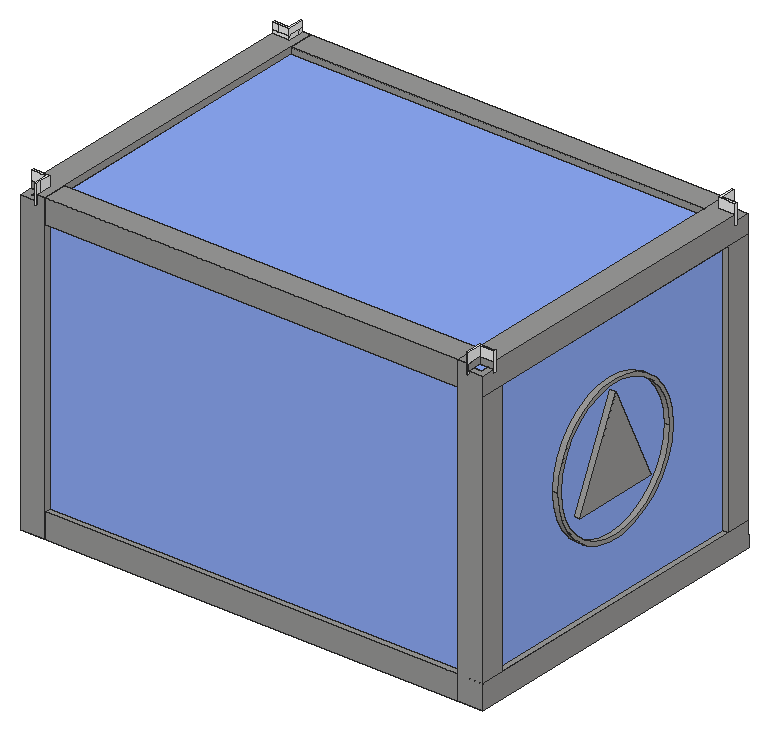
Revit family "1.1 Вентиляторы UTR V2", category Оборудование, Revit 2016
Family settings
  Тип детали = Нормальный
  Размер круглого соединителя = Использовать диаметр
  На основе рабочей плоскости = Нет
  Всегда вертикально = Да
  При загрузке вырезать с полостями = Нет
  Общий = Нет
  Точка расчета площади = Нет
Parameters (values of type "50-25/22")
  значок [instance] = yes
  высота = 250 mm
  размер В = 635 mm
  ширина = 500 mm
  Синий = Синий
  Д1 = Д - 20 mm  # 490 mm
  Д = 510 mm
  ножки(да/нет) [instance] = no
  Г = 395 mm
  Б1 = Б - 20 mm  # 450 mm
  А1 = А - 20 mm  # 690 mm
  А = 710 mm
  высота ножек = 50 mm
  Б = 470 mm
  Частотный преобразователь [instance] = yes
  Частота вращения n, об/мин = "2730"
  Тип, марка, обозначение = "UTR 50-25V2. 22-0,37x27(R)"
  Сила тока J, А = "1,66/0,96"
  Регулятор расхода [instance] = no
  Раздел = "ОВ"
  Примечание = ""
  Позиция = ""
  Напряжение U,В = "3х220/3х380"
  Наименование и тех.хар-ка = "Радиальный вентилятор с назад загнутыми лопатками выхлоп вверх"  # constant formula
  Мощность двигателя N,Вт = "370"
  Материал = RAL 0000 Серый металл
  Масса единицы = "43"
  Код, оборудования = ""
  Ключевая пометка = "Вентиляция"
  Задание электрикам [instance] = no
  Задание автоматчикам [instance] = no
  Завод изготовитель = "KORF"  # constant formula
  Единица измерения = "шт."  # constant formula
  h = высота ножек + 10 mm  # 60 mm
Types (23, lengths in mm): name | высота | размер В | ширина | Д1 | Д | Г | Б1 | А1 | А | Б | Частота вращения n, об/мин | Тип, марка, обозначение | Сила тока J, А | Напряжение U,В | Мощность двигателя N,Вт | Материал | Масса единицы
  50-25/22 | 250 | 635 | 500 | 490 | 510 | 395 | 450 | 690 | 710 | 470 | "2730" | "UTR 50-25V2. 22-0,37x27(R)" | "1,66/0,96" | "3х220/3х380" | "370" | RAL 0000 Серый металл | "43"
  50-25/25 | 250 | 635 | 500 | 490 | 510 | 395 | 450 | 690 | 710 | 470 | "2730" | "UTR 50-25V2. 25-0,55x27(R)" | "2,47/1,43" | "3х220/3х380" | "550" | Сталь серая | "45"
  50-30/25 | 300 | 635 | 500 | 490 | 510 | 445 | 500 | 690 | 710 | 520 | "2730" | "UTR 50-30V2. 25-0,55x27(R)" | "2,47/1,43" | "3х220/3х380" | "550" | Сталь серая | "47"
  50-30/28 | 300 | 635 | 500 | 690 | 710 | 445 | 500 | 690 | 710 | 520 | "2800" | "UTR 50-30V2. 28-1,1x28(R)" | "4,4/2,52" | "3х220/3х380" | "1100" | Сталь серая | "54"
  50-30/31 | 300 | 635 | 500 | 690 | 710 | 445 | 500 | 690 | 710 | 520 | "2800" | "UTR 50-30V2.31-1,1x28(R)" | "4,4/2,52" | "3х220/3х380" | "1100" | Сталь серая | "54"
  60-30/28 | 300 | 735 | 600 | 690 | 710 | 445 | 500 | 790 | 810 | 520 | "2800" | "UTR 60-30V2.28-1,1x28(R)" | "4,4/2,52" | "3х220/3х380" | "1100" | Сталь серая | "58"
  60-30/31 | 300 | 735 | 600 | 690 | 710 | 445 | 500 | 790 | 810 | 520 | "2800" | "UTR 60-30V2.31-1,1x28(R)" | "4,4/2,52" | "3х220/3х380" | "1100" | Сталь серая | "58"
  60-35/31 | 350 | 735 | 600 | 590 | 610 | 495 | 550 | 790 | 810 | 570 | "2800" | "UTR 60-35V2.31-1,1x28(R)" | "4,4/2,52" | "3х220/3х380" | "1100" | Сталь серая | "60"
  60-35/31-1,5 | 350 | 735 | 600 | 590 | 610 | 495 | 550 | 790 | 810 | 570 | "2880" | "UTR 60-35V2.31-1,5x28(R)" | "5,6/3,3" | "3х220/3х380" | "1500" | Сталь серая | "63"
  60-35/35 | 350 | 735 | 600 | 590 | 610 | 495 | 550 | 790 | 810 | 570 | "2860" | "UTR 60-35V2.35-2,2x28(R)" | "8,0/4,6" | "3х220/3х380" | "2200" | Сталь серая | "70"
  70-40/31 | 400 | 835 | 700 | 590 | 610 | 545 | 600 | 890 | 910 | 620 | "2800" | "UTR 70-40V2.31-1,1x28(R)" | "4,4/2,52" | "3х220/3х380" | "1100" | Сталь серая | "66"
  70-40/31-2,2 | 400 | 835 | 700 | 690 | 710 | 545 | 600 | 890 | 910 | 620 | "2860" | "UTR 70-40V2.31-2,2x28(R)" | "8,0/4,6" | "3х220/3х380" | "2200" | Сталь серая | "75"
  70-40/35 | 400 | 835 | 700 | 690 | 710 | 545 | 600 | 890 | 910 | 620 | "2860" | "UTR 70-40V2.35-2,2x28(R)" | "8,0/4,6" | "3х220/3х380" | "2200" | Сталь серая | "75"
  80-50/35 | 500 | 935 | 800 | 690 | 710 | 645 | 700 | 990 | 1010 | 720 | "2860" | "UTR 80-50V2.35-2,2x28(R)" | "8,0/4,6" | "3х220/3х380" | "2200" | Сталь серая | "84"
  80-50/35-3,0 | 500 | 935 | 800 | 690 | 710 | 645 | 700 | 990 | 1010 | 720 | "2860" | "UTR 80-50V2.35-3,0x28(R)" | "10,5/6,0" | "3х220/3х380" | "3000" | Сталь серая | "88"
  80-50/40 | 500 | 935 | 800 | 820 | 840 | 645 | 700 | 990 | 1010 | 720 | "2850" | "UTR 80-50V2.40-4,0x28(R)" | "8,0/4,6" | "3х380/3х660" | "4000" | Сталь серая | "105"
  90-50/35 | 500 | 1050 | 900 | 710 | 730 | 665 | 720 | 1105 | 1125 | 740 | "2860" | "UTR 90-50V2.35-3,0x28(R)" | "10,5/6,0" | "3х220/3х380" | "3000" | Сталь серая | "96"
  90-50/40 | 500 | 1050 | 900 | 820 | 840 | 665 | 720 | 1105 | 1125 | 740 | "2850" | "UTR 90-50V2.40-4,0x28(R)" | "8,0/4,6" | "3х380/3х660" | "4000" | Сталь серая | "111"
  90-50/45 | 500 | 1050 | 900 | 820 | 840 | 665 | 720 | 1105 | 1125 | 740 | "1410" | "UTR 90-50V2.45-3,0x14(R)" | "11,6/6,7" | "3х220/3х380" | "3000" | Сталь серая | "112"
  100-50/40 | 500 | 1150 | 1000 | 820 | 840 | 665 | 720 | 1205 | 1225 | 740 | "2850" | "UTR 100-50М2.40-4,0x28(R)" | "8,0/4,6" | "3х380/3х660" | "4000" | Сталь серая | "117"
  100-50/45 | 500 | 1150 | 1000 | 820 | 840 | 665 | 720 | 1205 | 1225 | 740 | "1410" | "UTR 100-50V2.45-3,0x14(R)" | "11,6/6,7" | "3х220/3х380" | "3000" | Сталь серая | "116"
  100-50/45-4,0 | 500 | 1150 | 1000 | 820 | 840 | 665 | 720 | 1205 | 1225 | 740 | "1410" | "UTR 100-50V2.45-4,0x14(R)" | "8,5/4,9" | "3х380/3х660" | "4000" | Сталь серая | "124"
  100-50/45-5,5 | 500 | 1150 | 1000 | 820 | 840 | 665 | 720 | 1205 | 1225 | 740 | "1430" | "UTR 100-50V2.45-5,5x14(R)" | "11,0/6,5" | "3х380/3х660" | "4000" | Сталь серая | "133"
Reference planes
  plane 1 "По центру (Вперед/Назад)": y = 0
  plane 2: z = 0
  plane 3 "По центру (Влево/Вправо)": x = 0
  plane 4: x = -345
  plane 5: x = 345
  plane 6: y = 245
  plane 7: y = -245
  plane 8: z = 510
  plane 9: z = 60
  plane 10: z = 535
Forms (mm)
  Extrusion 1, solid, material "Синий" <- "Синий", detail levels fine
    sketch origin (0, 0, 50) x (1, 0, 0) y (0, 1, 0)
      loop
        line (-345, 245) -> (-345, -245) -> (345, -245) -> (345, 245) -> (-345, 245)
    from 10 to 460
  Sweep 2, solid, material "RAL 0000 Серый металл" <- "Материал", detail levels fine
    path origin (345, 245, 50) x (0, -1, 0) y (0, 0, -1)
      loop
        line (0, -460) -> (490, -460) -> (490, -10) -> (0, -10) -> (0, -460)
    profile "Профиль уголок 10х10 : Профиль уголок 10х10" origin (345, 0, 510) x (0, 0, -1) y (1, 0, 0)
      loop
        line (0, -27.5) -> (0, 0) -> (27.5, 0) -> (27.5, 10) -> (-10, 10) -> (-10, -27.5) -> (0, -27.5)
  Sweep 3, solid, material "RAL 0000 Серый металл" <- "Материал", detail levels fine
    path origin (-345, -245, 50) x (0, 1, 0) y (0, 0, -1)
      loop
        line (0, -460) -> (490, -460) -> (490, -10) -> (0, -10) -> (0, -460)
    profile "Профиль уголок 10х10 : Профиль уголок 10х10" origin (-345, 0, 510) x (0, 0, -1) y (-1, 0, 0)
      loop
        line (0, -27.5) -> (0, 0) -> (27.5, 0) -> (27.5, 10) -> (-10, 10) -> (-10, -27.5) -> (0, -27.5)
  Extrusion 4, void, not visible, detail levels fine
    sketch origin (145, 144.929, 50) x (0, 1, 0) y (0, 0, -1)
      loop
        line (88.035, -475) -> (138.984, -475) -> (138.984, -450) -> (88.035, -450) -> (88.035, -475)
    from -47.452 to 12
  Extrusion 5, void, detail levels fine
    sketch origin (-345, -144.965, 60) x (0, -1, 0) y (0, 0, -1)
      loop
        line (88.035, -475) -> (138.984, -475) -> (138.984, -450) -> (88.035, -450) -> (88.035, -475)
    from -47.452 to 12
  Sweep 6, solid, material "RAL 0000 Серый металл" <- "Материал", detail levels fine
    path origin (0, 0, 510) x (1, 0, 0) y (0, 1, 0)
      loop
        line (-345, -245) -> (345, -245) -> (345, 245) -> (-345, 245) -> (-345, -245)
    profile "Профиль уголок 10х10 : Профиль уголок 10х10" origin (0, -245, 510) x (0, 1, 0) y (0, 0, 1)
      loop
        line (0, -27.5) -> (0, 0) -> (27.5, 0) -> (27.5, 10) -> (-10, 10) -> (-10, -27.5) -> (0, -27.5)
  Sweep 7, solid, material "RAL 0000 Серый металл" <- "Материал", detail levels fine
    path origin (0, 0, 60) x (1, 0, 0) y (0, 1, 0)
      loop
        line (345, -245) -> (345, 245) -> (-345, 245) -> (-345, -245) -> (345, -245)
    profile "Профиль уголок 10х10 : Профиль уголок 10х10" origin (0, -245, 60) x (0, -1, 0) y (0, 0, 1)
      loop
        line (0, 27.5) -> (0, 0) -> (-27.5, 0) -> (-27.5, -10) -> (10, -10) -> (10, 27.5) -> (0, 27.5)
  Extrusion 8, void, detail levels fine
    sketch origin (-244.965, 245, 60) x (-1, 0, 0) y (0, 0, -1)
      loop
        line (88.035, -475) -> (138.984, -475) -> (138.984, -450) -> (88.035, -450) -> (88.035, -475)
    from -47.452 to 12
  Extrusion 9, void, detail levels fine
    sketch origin (345, 144.965, 60) x (0, 1, 0) y (0, 0, -1)
      loop
        line (88.035, -475) -> (138.984, -475) -> (138.984, -450) -> (88.035, -450) -> (88.035, -475)
    from -47.452 to 12
  Extrusion 10, void, detail levels fine
    sketch origin (244.965, -245, 60) x (1, 0, 0) y (0, 0, -1)
      loop
        line (88.035, -475) -> (138.984, -475) -> (138.984, -450) -> (88.035, -450) -> (88.035, -475)
    from -47.452 to 12
  Extrusion 11, solid, material "RAL 0000 Серый металл" <- "Материал", visible <- "значок", detail levels fine
    sketch origin (0, 0, 0) x (0, 1, 0) y (0, 0, 1)
      loop
        circle (0, 285) r 110
      loop
        circle (0, 285) r 105
      loop
        line (0, 377.5) -> (-67.619, 232.491) -> (67.619, 232.491) -> (0, 377.5)
    from 345 to 355
Cuts and joins
  Extrusion 5, Extrusion 8, Extrusion 9, Extrusion 10 cuts Extrusion 1
  Extrusion 5, Extrusion 8, Extrusion 9 cuts Sweep 3
  Extrusion 5, Extrusion 8, Extrusion 9, Extrusion 10 cuts Sweep 6
  Extrusion 9, Extrusion 10 cuts Sweep 2
Dimensions and locks
  equal spacing: plane 6, plane 1 "По центру (Вперед/Назад)", plane 7
  "Д1": plane 6 to plane 7
  equal spacing: plane 4, plane 3 "По центру (Влево/Вправо)", plane 5
  "А1": plane 4 to plane 5
  "h": plane 9 to level
  "Б1": plane 8 to plane 9
  locked: plane 10 to plane 8 at 25
  Sweep 7 to level = 50 mm
  aligned and locked: level to plane 2
  aligned and locked: plane 6 to Extrusion 1
  aligned and locked: plane 5 to Extrusion 1
  aligned and locked: Extrusion 1 to plane 7
  aligned and locked: Extrusion 1 to plane 4
  aligned and locked: plane 8 to Extrusion 1
  aligned and locked: Extrusion 1 to plane 9
  aligned and locked: Sweep 2 sketch curve to Extrusion 1  (x2)
  aligned and locked: Sweep 3 sketch curve to Extrusion 1  (x2)
  aligned and locked: nested 1 to Sweep 3  (x2)
  aligned and locked: nested 2 to Sweep 2
  aligned and locked: Sweep 2 to nested 2
  aligned and locked: nested 4 to Sweep 2  (x2)
  aligned and locked: Sweep 3 to nested 3
  aligned and locked: nested 3 to Sweep 3
  aligned and locked: Extrusion 5 to nested 6
  aligned and locked: nested 6 to Extrusion 5
  aligned and locked: nested 6 to plane 10
  aligned and locked: nested 6 to cut or joined group of Extrusion 5, Sweep 6, Extrusion 8, Extrusion 9, Extrusion 10  (x2)
  aligned and locked: Extrusion 8 to nested 7  (x2)
  aligned and locked: nested 7 to cut or joined group of Extrusion 5, Sweep 6, Extrusion 8, Extrusion 9, Extrusion 10  (x2)
  aligned and locked: plane 10 to Extrusion 8
  aligned and locked: Extrusion 9 to nested 8  (x2)
  aligned and locked: nested 8 to Sweep 2  (x2)
  aligned and locked: nested 8 to plane 10
  aligned and locked: Extrusion 10 to nested 9  (x2)
  aligned and locked: nested 9 to cut or joined group of Extrusion 5, Sweep 6, Extrusion 8, Extrusion 9, Extrusion 10  (x2)
  aligned and locked: nested 9 to plane 10
  aligned and locked: nested 10 to plane 5
  aligned and locked: plane 7 to nested 10
  aligned and locked: nested 11 to plane 4
  aligned and locked: nested 11 to plane 9
  aligned and locked: cut or joined group of Sweep 2, Extrusion 9, Extrusion 10 to Extrusion 11
Automatic sketch dimensions
  Extrusion 4 sketch curve to Extrusion 4 sketch curve = 50.949 mm
  Extrusion 4 sketch curve to Extrusion 4 sketch curve = 25 mm
  Extrusion 5 sketch curve to Extrusion 5 sketch curve = 50.949 mm
  Extrusion 5 sketch curve to Extrusion 5 sketch curve = 25 mm
  Extrusion 1 sketch curve to plane 4 = 0 mm
  Extrusion 1 sketch curve to plane 5 = 0 mm
  Extrusion 1 sketch curve to plane 7 = 0 mm
  Extrusion 1 sketch curve to plane 6 = 0 mm
  Sweep 2 sketch curve to Extrusion 1 = 0 mm  (x2)
  Sweep 3 sketch curve to Extrusion 1 = 0 mm  (x2)
  Sweep 6 sketch curve to Extrusion 1 = 0 mm  (x3)
  Extrusion 1 to Sweep 6 sketch curve = 0 mm
  Sweep 7 sketch curve to Extrusion 1 = 0 mm  (x3)
  Extrusion 1 to Sweep 7 sketch curve = 0 mm
  Extrusion 8 sketch curve to Extrusion 8 sketch curve = 50.949 mm
  Extrusion 8 sketch curve to Extrusion 8 sketch curve = 25 mm
  Extrusion 9 sketch curve to Extrusion 9 sketch curve = 50.949 mm
  Extrusion 9 sketch curve to Extrusion 9 sketch curve = 25 mm
  Extrusion 10 sketch curve to Extrusion 10 sketch curve = 50.949 mm
  Extrusion 10 sketch curve to Extrusion 10 sketch curve = 25 mm
  Extrusion 11 sketch curve to Extrusion 11 sketch curve = 0 mm  (x2)
  Extrusion 11 sketch curve to plane 1 "По центру (Вперед/Назад)" = 0 mm  (x2)
  Extrusion 11 sketch curve to plane 8 = 225 mm
  Extrusion 11 sketch curve to Extrusion 11 sketch curve = 92.5 mm
  plane 1 "По центру (Вперед/Назад)" to Extrusion 11 sketch curve = 67.619 mm
  Extrusion 11 sketch curve to plane 1 "По центру (Вперед/Назад)" = 67.619 mm
  Extrusion 11 sketch curve to Extrusion 11 sketch curve = 52.509 mm
  radius of Extrusion 11 sketch curve = 110 mm
  radius of Extrusion 11 sketch curve = 105 mm
Nested families
  nested 1: "Ножка 50мм" at (-358, 258, 0), visible <- "ножки(да/нет)", type "Ножка 50мм", detail levels fine
  nested 2: "Ножка 50мм" at (358, 258, 0) x (-1, 0, 0) z (0, 0, 1), visible <- "ножки(да/нет)", type "Ножка 50мм", detail levels fine
  nested 3: "Ножка 50мм" at (-358, -258, 0), visible <- "ножки(да/нет)", type "Ножка 50мм", detail levels fine
  nested 4: "Ножка 50мм" at (358, -258, 0) x (-1, 0, 0) z (0, 0, 1), visible <- "ножки(да/нет)", type "Ножка 50мм", detail levels fine
  nested 5: "крепление 15мм" at (-330, 229.965, 495), type "крепление 15мм", not visible, detail levels fine
  nested 6: "крепление 15мм" at (-330, -230, 505), type "крепление 15мм", detail levels fine
  nested 7: "крепление 15мм" at (-330, 230, 505) x (0, -1, 0) z (0, 0, 1), type "крепление 15мм", detail levels fine
  nested 8: "крепление 15мм" at (330, 230, 505) x (-1, 0, 0) z (0, 0, 1), type "крепление 15мм", detail levels fine
  nested 9: "крепление 15мм" at (330, -230, 505) x (0, 1, 0) z (0, 0, 1), type "крепление 15мм", detail levels fine
  nested 10: "УГО вентилятор(план)" at (0, 0, 510), длина <- "Д1", Ширина <- "А1", type "УГО вентилятор", detail levels coarse
    with длина 490 mm, Ширина 690 mm
  nested 11: "УГО вентилятор (разрез выброс вверх)" at (0, 0, 60), высота <- "Б1", длина <- "А1", type "УГО вентилятор (разрез выброс вверх)", detail levels medium
    with длина 690 mm, высота 450 mm, Ширина 0 mm
Connectors
  hvac at (0, 0, 520), driven by "высота", driven by "ширина"
    settings: on Sweep 6, index 1, duct flow 0.0 L/s, flow factor 0, pres drop 0.0 Pa, loss coef 0, conn angle 0.00°, conn width 500 mm, conn height 250 mm, conn diameter 609.6 mm, duct sys type 28, conn prof type 1, flow config 0, flow direction 0, loss method 0, conn ref index 2, conn util no, is conn primary yes, conn desc ""
  hvac at (0, 245, 285), driven by "высота", driven by "ширина"
    settings: on cut or joined group of Extrusion 1, Extrusion 5, Extrusion 8, Extrusion 9, Extrusion 10, index 2, duct flow 0.0 L/s, flow factor 0, pres drop 0.0 Pa, loss coef 0, conn angle 0.00°, conn width 500 mm, conn height 250 mm, conn diameter 609.6 mm, duct sys type 28, conn prof type 1, flow config 0, flow direction 0, loss method 0, conn ref index 1, conn util no, is conn primary no, conn desc ""
Definition of nested family "Ножка 50мм"
  Parameters (values of type "Ножка 50мм")
    Материал ножек = none
  Reference planes
    plane 1 "По центру (Вперед/Назад)": y = 0
    plane 2: z = 0
    plane 3 "По центру (Влево/Вправо)": x = 0
  Forms (mm)
    Extrusion 1, solid, material <- "Материал ножек"
      sketch origin (0, 0, 0) x (1, 0, 0) y (0, 1, 0)
        loop
          line (0, 0) -> (0, -28) -> (3, -28) -> (3, -3) -> (28, -3) -> (28, 0) -> (0, 0)
      from 0 to 70
    Extrusion 2, solid, material <- "Материал ножек"
      sketch origin (0, 0, 0) x (1, 0, 0) y (0, 1, 0)
        loop
          line (0, 0) -> (0, -28.035) -> (28.021, -28.035) -> (28.021, 0) -> (0, 0)
      from 0 to 3
  Cuts and joins
    joined: Extrusion 1, Extrusion 2
  Dimensions and locks
    Extrusion 1 sketch curve to Extrusion 1 sketch curve = 3 mm  (x2)
    Extrusion 1 sketch curve to Extrusion 1 sketch curve = 28 mm  (x2)
    aligned and locked: level to plane 2
Definition of nested family "крепление 15мм"
  Parameters (values of type "крепление 15мм")
    Материал крепления = none
  Reference planes
    plane 1 "По центру (Вперед/Назад)": y = 0
    plane 2: z = 0
    plane 3 "По центру (Влево/Вправо)": x = 0
  Forms (mm)
    Extrusion 1, solid, material <- "Материал крепления"
      sketch origin (0, 0, 0) x (1, 0, 0) y (0, 1, 0)
        loop
          line (-25, 0) -> (0, 0) -> (0, 18.31) -> (0, 25) -> (-3, 25) -> (-3, 3) -> (-25, 3) -> (-25, 0)
      from 0 to 30
    Extrusion 2, void
      sketch origin (0, 0, 0) x (1, 0, 0) y (0, 1, 0)
        loop
          line (-3, 3) -> (-3, 54.96) -> (-58, 54.96) -> (-58, 3) -> (-3, 3)
      from 0 to 15
  Cuts and joins
    Extrusion 2 cuts Extrusion 1
  Dimensions and locks
    Extrusion 1 sketch curve to Extrusion 1 sketch curve = 3 mm  (x2)
    Extrusion 1 sketch curve to Extrusion 1 sketch curve to plane 3 "По центру (Влево/Вправо)" = 25 mm, 0 mm
    Extrusion 1 sketch curve to Extrusion 1 sketch curve = 25 mm
    aligned and locked: level to plane 2
Definition of nested family "УГО вентилятор(план)"
  Parameters (values of type "УГО вентилятор")
    длина [instance] = 750 mm
    Ширина [instance] = 410 mm
    Частота вращения n, об/мин = ""
    Тип, марка, обозначение = ""
    Сила тока J, А = ""
    Раздел = "ВПИСАТЬ РАЗДЕЛ"
    Примечание = ""
    Позиция = ""
    Default Elevation = 1219.2 mm
    Напряжение U,В = ""
    Наименование и тех.хар-ка = ""
    Мощность двигателя N,Вт = ""
    Материал = none
    Масса единицы = ""
    Код, оборудования = ""
    Keynote = "ВПИСАТЬ СПЕЦИАЛЬНОСТЬ"
    Завод изготовитель = ""
    Единица измерения = ""
    Диаметр = 110 mm
  Reference planes
    plane 1 "По центру (Вперед/Назад)": y = 0
    plane 2: z = 0
    plane 3 "По центру (Влево/Вправо)": x = 0
    plane 4: y = 375
    plane 5: y = -375
    plane 6: x = -205
    plane 7: x = 205
  Lines and regions (mm)
    model lines
      curve 1: line (-205, 375, 0) -> (205, 375, 0)
      curve 2: line (-205, -375, 0) -> (-205, 375, 0)
      curve 3: line (205, -375, 0) -> (-205, -375, 0)
      curve 4: line (205, 375, 0) -> (205, -375, 0)
      curve 5: circle (0, 0, 0) r 110 normal (0, 0, 1)
      curve 6: line (0, -110, 0) -> (95.263, 55, 0)
      curve 7: line (-95.263, 55, 0) -> (95.263, 55, 0)
      curve 8: line (0, -110, 0) -> (-95.263, 55, 0)
  Dimensions and locks
    "Ширина": plane 6 to plane 7
    "длина": plane 4 to plane 5
    equal spacing: plane 5, plane 1 "По центру (Вперед/Назад)", plane 4
    equal spacing: plane 6, plane 3 "По центру (Влево/Вправо)", plane 7
    "Диаметр": radius of curve 5
    aligned and locked: level to plane 2
  Automatic sketch dimensions
    plane 5 to curve 3 = 0 mm
    curve 3 to plane 6 = 0 mm
    curve 8 to plane 3 "По центру (Влево/Вправо)" = 0 mm
    plane 1 "По центру (Вперед/Назад)" to curve 5 = 0 mm
    curve 5 to plane 3 "По центру (Влево/Вправо)" = 0 mm
    curve 1 to plane 4 = 0 mm
    curve 1 to plane 7 = 0 mm
    curve 8 to plane 1 "По центру (Вперед/Назад)" = 55 mm
Definition of nested family "УГО вентилятор (разрез выброс вверх)"
  Parameters (values of type "УГО вентилятор (разрез выброс вверх)")
    длина [instance] = 750 mm
    высота [instance] = 410 mm
    Ширина [instance] = 410 mm
    Частота вращения n, об/мин = ""
    Тип, марка, обозначение = ""
    Сила тока J, А = ""
    Раздел = ""
    Примечание = ""
    Позиция = ""
    Default Elevation = 1219.2 mm
    Напряжение U,В = ""
    Наименование и тех.хар-ка = ""
    Мощность двигателя N,Вт = ""
    Материал = none
    Масса единицы = ""
    Код, оборудования = ""
    Keynote = ""
    Завод изготовитель = ""
    Единица измерения = ""
    Диаметр = 110 mm
  Reference planes
    plane 1 "По центру (Вперед/Назад)": y = 0
    plane 2: z = 0
    plane 3 "По центру (Влево/Вправо)": x = 0
    plane 4: z = 410
    plane 5: x = 375
    plane 6: x = -375
    plane 7: z = 205
  Lines and regions (mm)
    model lines
      curve 1: circle (0, 0, 205) r 110 normal (0, -1, 0)
      curve 2: line (0, 0, 315) -> (-96.309, 0, 151.854)
      curve 3: line (0, 0, 315) -> (96.309, 0, 151.854)
      curve 4: line (-375, 0, 0) -> (375, 0, 0)
      curve 5: line (-375, 0, 410) -> (-375, 0, 0)
      curve 6: line (375, 0, 410) -> (-375, 0, 410)
      curve 7: line (375, 0, 0) -> (375, 0, 410)
      curve 8: line (-96.309, 0, 151.854) -> (96.309, 0, 151.854)
  Dimensions and locks
    equal spacing: plane 5, plane 3 "По центру (Влево/Вправо)", plane 6
    "длина": plane 5 to plane 6
    "высота": plane 4 to level
    equal spacing: plane 4, plane 7, plane 2
    radius of curve 1 = 110 mm
    aligned and locked: level to plane 2
  Automatic sketch dimensions
    curve 5 to plane 4 = 0 mm
    curve 5 to plane 6 = 0 mm
    curve 1 to plane 3 "По центру (Влево/Вправо)" = 0 mm
    curve 2 to plane 3 "По центру (Влево/Вправо)" = 0 mm
    curve 7 to plane 5 = 0 mm
    curve 4 to level = 0 mm
    curve 1 to plane 7 = 0 mm
    curve 2 to plane 7 = 53.146 mm
    curve 8 to curve 2 = 0 mm
    curve 3 to plane 7 = 53.146 mm
